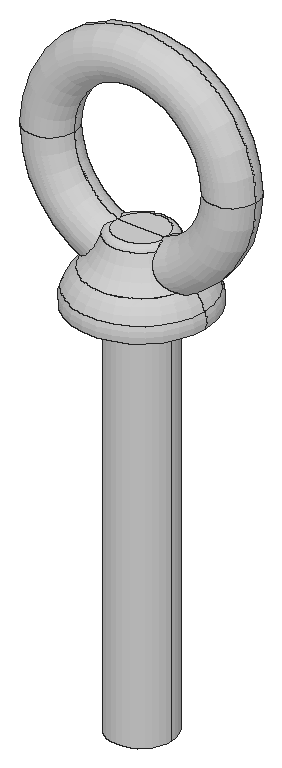
Revit family "AnchorPoint_Kattsafe_ConcreteMount", category Specialty Equipment, host Face, Revit 2025
Family settings
  Host = Face
  Round Connector Dimension = Use Diameter
  Part Type = Normal
  OmniClass Number = 23.27.71.21
  Enable Cutting in Views = No
  Cut with Voids When Loaded = Yes
  Maintain Annotation Orientation = No
  Shared = No
  Room Calculation Point = No
Parameters (values of type "Fixed Hoop (AP125A)")
  Uniclass2015Version = "Products v1.23"
  Uniclass2015Title = "Safety access anchor devices"
  Uniclass2015Code = "Pr_40_70_75_75"
  URL = "https://kattsafe.com.au/"
  Type IFC Predefined Type = "USERDEFINED"
  Type Comments = "Concrete Mount Anchor - 15kN rated - 0.3kg"
  Swivel = no
  SafetyDisclaimer [instance] = "WARNING! The correct placement of access, fall protection and facade maintenance systems is critical to ensure it is fit-for-purpose and safe for the operator to use. Did you know Kattsafe® have a dedicated team of Height Safety System Design Specialists? Kattsafe® provide one-on-one consultation and system design assistance to ensure you are meeting the stringent requirements of height safety and to give you PEACE OF MIND with your project."  # constant formula
  ModifiedIssue = 20240430
  Model = "AP125A"
  Material = Steel_Stainless_Kattsafe_Satin
  ManufacturerURLProductSpecific = "https://kattsafe.com.au/products/anchor-points/concrete-mount-roof-anchors/Concrete-mount-anchor-AP125"
  ManufacturerSpecCode = Model  # "AP125A"
  ManufacturerOverallWidth = 60 mm
  ManufacturerOverallHeight = 164 mm
  ManufacturerOverallDepth = 60 mm
  Manufacturer = "Kattsafe®"  # constant formula
  IfcExportType = "USERDEFINED"
  IfcExportAs = "IfcBuildingElementProxy"
  HostOffset [instance] = 0 mm
  FixedHoop = yes
  Export Type to IFC As = "IfcBuildingElementProxy"
  ElementType = "Fall Protection"
  Description = "Kattsafe concrete mount anchors for personnel who use a harness and lanyard fall protection system, when working on a concrete surface. Available in cast-in, low profile and raised designs they are adaptable and easy to install."  # constant formula
  Default Elevation = 0 mm  # constant formula
  CreatedBy = "IGS BIM Solutions"  # constant formula
  CreatedByURL = "https://igsgroup.com.au"
  Assembly Code = "E1090100"
Types (2, lengths in mm): name | Type Comments | Swivel | Model | ManufacturerSpecCode | ManufacturerOverallWidth | ManufacturerOverallHeight | ManufacturerOverallDepth
  Fixed Hoop (AP125A) | "Concrete Mount Anchor - 15kN rated - 0.3kg" | no | "AP125A" | "AP125A" | 60 | 164 | 60
  Swivel (AP125S) | "Concrete Mount Swivel Anchor - 15kN rated - 0.5kg" | yes | "AP125S" | "AP125S" | 105 | 145 | 105
Reference planes
  plane 1 "Center (Front/Back)": y = 0
  plane 2 "Ref. Level": z = 0
  plane 3 "Center (Left/Right)": x = 0
  plane 4 "Bottom": z = -100
  plane 5 "Base": z = 0
  plane 6 "Anchor Top": z = 64
  plane 7 "Extension Top": z = 45
  plane 8 "Top": z = 64
  plane 9 "Back": y = 30
  plane 10 "Front": y = -30
  plane 11 "Left": x = -30
  plane 12 "Right": x = 30
Forms (mm)
  Revolve 1, solid, material "Steel_Stainless_Kattsafe_Satin" <- "Material"
    sketch origin (0, 0, -125) x (1, 0, 0) y (0, 0, 1)
      loop
        line (0, 125) -> (0, 25) -> (8, 25) -> (8, 125) -> (0, 125)
      axis (0, 25) -> (0, 125)
    angle from 0 to 360
  Revolve 2, void
    sketch origin (0, 0, -125) x (1, 0, 0) y (0, 0, 1)
      loop
        line (0, 125) -> (0, 15) -> (9, 15) -> (9, 125) -> (0, 125)
      axis (0, 15) -> (0, 125)
    angle from 0 to 360
  Extrusion 3, solid, material "Steel_Stainless_Kattsafe_Satin" <- "Material", visible <- "Swivel"
    sketch origin (-1524, 277.61, 0) x (-1, 0, 0) y (0, 1, 0)
      loop
        circle (-1524, -277.61) r 25
      loop
        circle (-1524, -277.61) r 8
    from 0 to -3
  Extrusion 4, solid, material "Steel_Stainless_Kattsafe_Satin" <- "Material", visible <- "Swivel"
    sketch origin (-1524, 277.61, 0) x (-1, 0, 0) y (0, 1, 0)
      loop
        circle (-1524, -277.61) r 25
      loop
        circle (-1524, -277.61) r 8
    from -3 to -6
  Extrusion 5, solid, material "Steel_Stainless_Kattsafe_Satin" <- "Material", visible <- "Swivel"
    sketch origin (-1524, 277.61, 0) x (-1, 0, 0) y (0, 1, 0)
      loop
        circle (-1524, -277.61) r 25
      loop
        circle (-1524, -277.61) r 8
    from -6 to -9
  Extrusion 6, solid, material "Steel_Stainless_Kattsafe_Satin" <- "Material", visible <- "Swivel"
    sketch origin (-1524, 277.61, 0) x (-1, 0, 0) y (0, 1, 0)
      loop
        circle (-1524, -277.61) r 25
      loop
        circle (-1524, -277.61) r 8
    from -9 to -12
  Extrusion 7, solid, material "Steel_Stainless_Kattsafe_Satin" <- "Material", visible <- "Swivel"
    sketch origin (-1527.04, -260.371, 0) x (-0.939693, -0.34202, 0) y (-0.34202, 0.939693, 0)
      loop
        circle (-1524, -277.61) r 8
      loop
        arc (-1524, -302.61) -> (-1499, -277.61) -> (-1524, -252.61) r 25
        line (-1524, -252.61) -> (-1554, -252.61) -> (-1554, -302.61) -> (-1524, -302.61)
    from -12 to -15
  Sweep 8, solid, material "Steel_Stainless_Kattsafe_Satin" <- "Material", visible <- "Swivel"
    path origin (-1524, 277.61, 0) x (-1, 0, 0) y (0, -1, 0)
      loop
        line (-1543.64, 243.857) -> (-1560.741, 290.842)
    profile origin (28.191, 10.261, 0) x (0.939693, 0.34202, 0) y (0, 0, 1)
      loop
        line (0, 15) -> (0, 12) -> (76.436, 39.821) -> (76.436, 42.821) -> (0, 15)
  Extrusion 9, void
    sketch origin (-1524, 277.61, 0) x (-1, 0, 0) y (0, 1, 0)
      loop
        line (-1590.445, -226.822) -> (-1615.467, -217.714) -> (-1632.568, -264.699) -> (-1607.546, -273.806)
        arc (-1607.546, -273.806) -> (-1622.488, -241.763) -> (-1590.445, -226.822) r 25
      loop
        arc (-1592.497, -232.46) -> (-1616.85, -243.815) -> (-1605.494, -268.168) r 19
        line (-1605.494, -268.168) -> (-1566.207, -282.467) -> (-1553.21, -246.759) -> (-1592.497, -232.46)
    from -42.821 to -12
  Extrusion 10, solid, material "Steel_Stainless_Kattsafe_Satin" <- "Material", visible <- "Swivel"
    sketch origin (-1524, 277.61, 0) x (-1, 0, 0) y (0, 1, 0)
      loop
        line (-1530.627, -261.61) -> (-1540, -270.983) -> (-1540, -284.237) -> (-1530.627, -293.61) -> (-1517.373, -293.61) -> (-1508, -284.237) -> (-1508, -270.983) -> (-1517.373, -261.61) -> (-1530.627, -261.61)
      loop
        circle (-1524, -277.61) r 8
    from -15 to -31
  Revolve 11, solid, material "Steel_Stainless_Kattsafe_Satin" <- "Material", visible <- "Swivel"
    sketch origin (0, 0, 6.25) x (1, 0, 0) y (0, 0, 1)
      loop
        line (0, 38.75) -> (0, 24.75) -> (13.416, 24.75)
        arc (13.416, 24.75) -> (9.841, 34.753) -> (0, 38.75) r 13
      axis (0, 38.75) -> (0, 24.75)
    angle from 0 to 360
  Revolve 12, solid, material "Steel_Stainless_Kattsafe_Satin" <- "Material", visible <- "FixedHoop"
    sketch origin (0, 0, 0) x (1, 0, 0) y (0, 0, 1)
      loop
        line (0, 17.585) -> (0, 0) -> (17.015, 0)
        arc (17.015, 0) -> (17.139, 1.953) -> (16.677, 3.855) r 6.514
        arc (16.677, 3.855) -> (15.3, 6.394) -> (13.409, 8.578) r 13.372
        arc (13.409, 8.578) -> (10.383, 12.135) -> (8.264, 16.297) r 20
        arc (8.264, 16.297) -> (7.543, 17.231) -> (6.417, 17.585) r 1.969
        line (6.417, 17.585) -> (0, 17.585)
      axis (0, 17.585) -> (0, 0)
    angle from 0 to 360
  Sweep 13, solid, material "Steel_Stainless_Kattsafe_Satin" <- "Material", visible <- "FixedHoop"
    path origin (0, 0, 0) x (1, 0, 0) y (0, 0, 1)
      loop
        circle (0, 34) r 30
    profile origin (0, 0, 64) x (0, 0, -1) y (0, -1, 0)
      loop
        circle (6.25, 0) r 6.25
Cuts and joins
  Extrusion 9 cuts Sweep 8
  joined: Revolve 12, Sweep 13
Lines and regions (mm)
  Masking region 1, visible <- "FixedHoop"
    outline origin (0, 0, 64) x (-1, 0, 0) y (0, -1, 0)
      loop
        arc (-15.832, -6.235) -> (0, -17.041) -> (15.832, -6.235) r 17
        line (15.832, -6.235) -> (23.851, -6.235)
        arc (23.851, -6.235) -> (30.086, 0) -> (23.851, 6.235) r 6.235
        line (23.851, 6.235) -> (15.832, 6.235)
        arc (15.832, 6.235) -> (0, 17.015) -> (-15.832, 6.235) r 17.015
        line (-15.832, 6.235) -> (-23.851, 6.235)
        arc (-23.851, 6.235) -> (-30.086, 0) -> (-23.851, -6.235) r 6.235
        line (-23.851, -6.235) -> (-15.832, -6.235)
  Masking region 2, visible <- "Swivel"
    outline origin (0, 0, 64) x (-1, 0, 0) y (0, -1, 0)
      loop
        line (-8.551, 23.492) -> (-83.015, -3.611)
        arc (-83.015, -3.611) -> (-97.957, -35.654) -> (-65.914, -50.595) r 25
        line (-65.914, -50.595) -> (8.551, -23.492)
        arc (8.551, -23.492) -> (23.492, 8.551) -> (-8.551, 23.492) r 25
      loop
        line (-68.497, -45.15) -> (-29.21, -30.851) -> (-42.207, 4.857) -> (-81.494, -9.442)
        arc (-81.494, -9.442) -> (-92.85, -33.795) -> (-68.497, -45.15) r 19
  symbolic lines, style "Fall Arrest Systems", visible <- "FixedHoop", detail levels medium+fine
    curve 1: line (-16, 6.235, 64) -> (16.393, 6.235, 64)
    curve 2: line (16, -6.235, 64) -> (-16.393, -6.235, 64)
  symbolic lines, style "Fall Arrest Systems", visible <- "Swivel", detail levels medium+fine
    curve 3: line (6.627, 16, 64) -> (-6.627, 16, 64)
    curve 4: line (16.393, 6.235, 64) -> (6.627, 16, 64)
    curve 5: line (16, -6.235, 64) -> (16, 6.627, 64)
    curve 6: line (6.627, -16, 64) -> (16, -6.627, 64)
    curve 7: line (-6.627, -16, 64) -> (6.627, -16, 64)
    curve 8: line (-16, -6.627, 64) -> (-6.627, -16, 64)
    curve 9: line (-16, 6.235, 64) -> (-16, -6.627, 64)
    curve 10: line (-6.627, 16, 64) -> (-16, 6.627, 64)
    curve 12: line (36.741, -13.232, 64) -> (19.64, 33.753, 64)
  symbolic lines, style "Fall Arrest Systems", visible <- "Swivel", detail levels fine
    curve 11: circle (0, 0, 64) r 13.416 normal (0, 0, 1)
Text (mm)
  text "Disclaimer:\nDue to ongoing product development and manufacturing \nevolution, product details are subject to change without \nnotice. Please refer to product technical data sheets on \nthe manufacturers website for the most current product \ninformation. Please allow a +/- 5mm manufacturing \ntolerance for dimensions and set-outs shown in product \nliterature." at (140.12, 82.963, 0), in view "Ref. Level"
Dimensions and locks
  "HostOffset": plane 5 "Base" to level
  plane 5 "Base" to plane 4 "Bottom" = 100 mm
  locked: plane 7 "Extension Top" to plane 5 "Base" at 45
  locked: plane 6 "Anchor Top" to plane 5 "Base" at 64
  "ManufacturerOverallHeight": plane 8 "Top" to plane 4 "Bottom"
  equal spacing: plane 11 "Left", plane 3 "Center (Left/Right)", plane 12 "Right"
  "ManufacturerOverallWidth": plane 11 "Left" to plane 12 "Right"
  equal spacing: plane 9 "Back", plane 1 "Center (Front/Back)", plane 10 "Front"
  "ManufacturerOverallDepth": plane 10 "Front" to plane 9 "Back"
  angle cut or joined group of Sweep 8, Extrusion 9 to Masking region 2 sketch curve = 90.00°
  aligned and locked: plane 2 "Ref. Level" to host face
  aligned and locked: level to host face
  aligned and locked: Revolve 1 to plane 4 "Bottom"
  aligned and locked: Revolve 1 to plane 5 "Base"
  aligned and locked: Revolve 2 to plane 5 "Base"
  aligned and locked: Extrusion 4 to Extrusion 3
  aligned and locked: Extrusion 5 to Extrusion 4
  aligned and locked: Extrusion 7 to Extrusion 6
  aligned and locked: Sweep 8 sketch curve to Extrusion 7  (x2)
  aligned and locked: Extrusion 9 to Sweep 8
  aligned and locked: Extrusion 6 to Extrusion 9
  aligned and locked: Extrusion 10 to Extrusion 7
  aligned and locked: Revolve 11 sketch curve to Extrusion 10
  aligned and locked: Extrusion 7 to Sweep 8 sketch curve
Automatic sketch dimensions
  host sketch curve to host sketch curve = 60 mm  (x2)
  Extrusion 3 sketch curve to Extrusion 3 sketch curve = 0 mm  (x2)
  plane 1 "Center (Front/Back)" to Extrusion 3 sketch curve = 0 mm
  Extrusion 3 sketch curve to plane 3 "Center (Left/Right)" = 0 mm
  Extrusion 4 sketch curve to Extrusion 4 sketch curve = 0 mm  (x2)
  plane 1 "Center (Front/Back)" to Extrusion 4 sketch curve = 0 mm
  Extrusion 4 sketch curve to plane 3 "Center (Left/Right)" = 0 mm
  Extrusion 5 sketch curve to Extrusion 5 sketch curve = 0 mm  (x2)
  plane 1 "Center (Front/Back)" to Extrusion 5 sketch curve = 0 mm
  Extrusion 5 sketch curve to plane 3 "Center (Left/Right)" = 0 mm
  Extrusion 6 sketch curve to Extrusion 6 sketch curve = 0 mm  (x2)
  plane 1 "Center (Front/Back)" to Extrusion 6 sketch curve = 0 mm
  Extrusion 6 sketch curve to plane 3 "Center (Left/Right)" = 0 mm
  Extrusion 7 sketch curve to Extrusion 7 sketch curve = 0 mm  (x2)
  plane 1 "Center (Front/Back)" to Extrusion 7 sketch curve = 0 mm
  Extrusion 7 sketch curve to plane 3 "Center (Left/Right)" = 0 mm
  Extrusion 7 sketch curve to Extrusion 7 sketch curve = 30 mm
  Extrusion 7 sketch curve to Extrusion 7 sketch curve = 25 mm
  Extrusion 9 sketch curve to Extrusion 9 sketch curve = 0 mm  (x5)
  Extrusion 9 sketch curve to Extrusion 9 sketch curve = 6.498 mm  (x2)
  plane 1 "Center (Front/Back)" to Extrusion 9 sketch curve = 4.857 mm
  Extrusion 9 sketch curve to Extrusion 9 sketch curve = 14.745 mm
  Extrusion 9 sketch curve to plane 1 "Center (Front/Back)" = 12.911 mm
  Extrusion 9 sketch curve to plane 1 "Center (Front/Back)" = 3.804 mm  (x2)
  Extrusion 9 sketch curve to Extrusion 9 sketch curve = 2.052 mm  (x2)
  plane 1 "Center (Front/Back)" to Extrusion 10 sketch curve = 0 mm
  Extrusion 10 sketch curve to plane 3 "Center (Left/Right)" = 0 mm
  plane 3 "Center (Left/Right)" to Extrusion 10 sketch curve = 6.627 mm  (x2)
  plane 1 "Center (Front/Back)" to Extrusion 10 sketch curve = 6.627 mm  (x2)
  Extrusion 10 sketch curve to Extrusion 10 sketch curve = 9.373 mm  (x4)
  Extrusion 10 sketch curve to plane 3 "Center (Left/Right)" = 6.627 mm  (x2)
  Extrusion 10 sketch curve to plane 1 "Center (Front/Back)" = 6.627 mm  (x2)
  Revolve 1 sketch curve to plane 3 "Center (Left/Right)" = 0 mm  (x2)
  Revolve 1 sketch curve to plane 5 "Base" = 0 mm
  Revolve 1 sketch curve to plane 4 "Bottom" = 0 mm
  plane 3 "Center (Left/Right)" to Revolve 1 sketch curve = 8 mm
  Revolve 1 sketch curve to Revolve 1 sketch curve = 15 mm
  plane 5 "Base" to Revolve 1 sketch curve = 20 mm
  Revolve 2 sketch curve to plane 3 "Center (Left/Right)" = 0 mm  (x2)
  Revolve 2 sketch curve to plane 5 "Base" = 0 mm
  plane 3 "Center (Left/Right)" to Revolve 2 sketch curve = 9 mm
  plane 4 "Bottom" to Revolve 2 sketch curve = 10 mm
  plane 5 "Base" to Revolve 2 sketch curve = 20 mm
  Revolve 2 sketch curve to plane 4 "Bottom" = 15 mm
  Sweep 8 sketch curve to profile plane = 0 mm
  Sweep 8 sketch curve to profile plane = 76.436 mm
  Sweep 8 sketch curve to plane 5 "Base" = 12 mm
  Sweep 8 sketch curve to Sweep 8 sketch curve = 3 mm  (x2)
  Sweep 8 sketch curve to plane 5 "Base" = 39.821 mm
  Revolve 11 sketch curve to plane 3 "Center (Left/Right)" = 0 mm  (x2)
  Revolve 11 sketch curve to plane 7 "Extension Top" = 0 mm
  plane 3 "Center (Left/Right)" to Revolve 11 sketch curve = 0.456 mm
  Revolve 11 sketch curve to Revolve 11 sketch curve = 12.961 mm
  Revolve 11 sketch curve to plane 7 "Extension Top" = 7.988 mm
  plane 6 "Anchor Top" to Revolve 11 sketch curve = 3.75 mm
  Sweep 13 sketch curve to plane 1 "Center (Front/Back)" = 0 mm
  Sweep 13 sketch curve to profile plane = 6.25 mm
  Extrusion 9 sketch curve to Extrusion 9 sketch curve = 39.287 mm
  plane 3 "Center (Left/Right)" to Extrusion 9 sketch curve = 108.568 mm
  Extrusion 9 sketch curve to Extrusion 9 sketch curve = 17.101 mm
  Extrusion 9 sketch curve to plane 1 "Center (Front/Back)" = 9.442 mm
  Extrusion 9 sketch curve to Extrusion 9 sketch curve = 27.074 mm
  plane 1 "Center (Front/Back)" to Masking region 1 sketch curve = 0 mm  (x3)
  Masking region 1 sketch curve to plane 3 "Center (Left/Right)" = 0 mm  (x2)
  Masking region 1 sketch curve to plane 1 "Center (Front/Back)" = 6.235 mm  (x2)
  Masking region 1 sketch curve to Masking region 1 sketch curve = 0 mm
  Masking region 1 sketch curve to Masking region 1 sketch curve = 0.041 mm
  plane 1 "Center (Front/Back)" to Masking region 2 sketch curve = 0 mm
  Masking region 2 sketch curve to plane 3 "Center (Left/Right)" = 0 mm
  plane 3 "Center (Left/Right)" to Masking region 2 sketch curve = 8.551 mm
  Masking region 2 sketch curve to Masking region 2 sketch curve = 8.551 mm  (x2)
  Masking region 2 sketch curve to plane 1 "Center (Front/Back)" = 3.611 mm
  Masking region 2 sketch curve to plane 3 "Center (Left/Right)" = 8.551 mm
  Masking region 2 sketch curve to Masking region 2 sketch curve = 0.531 mm
  Masking region 2 sketch curve to Masking region 2 sketch curve = 2.583 mm
  Masking region 2 sketch curve to Masking region 2 sketch curve = 0.193 mm
  Masking region 2 sketch curve to Masking region 2 sketch curve = 1.521 mm
  plane 1 "Center (Front/Back)" to Masking region 2 sketch curve = 4.857 mm
  plane 3 "Center (Left/Right)" to Masking region 1 sketch curve = 15.832 mm
  Masking region 1 sketch curve to Masking region 1 sketch curve = 8.02 mm  (x2)
  Masking region 2 sketch curve to Masking region 2 sketch curve = 33.656 mm
  Masking region 2 sketch curve to plane 1 "Center (Front/Back)" = 50.595 mm
  Masking region 2 sketch curve to Masking region 2 sketch curve = 23.708 mm
  plane 3 "Center (Left/Right)" to Masking region 2 sketch curve = 29.21 mm
  Revolve 12 sketch curve to plane 3 "Center (Left/Right)" = 0 mm  (x2)
  Revolve 12 sketch curve to plane 5 "Base" = 0 mm
  plane 5 "Base" to Revolve 12 sketch curve = 1.216 mm
  plane 3 "Center (Left/Right)" to Revolve 12 sketch curve = 4.304 mm
  plane 3 "Center (Left/Right)" to Revolve 12 sketch curve = 6.417 mm
  Revolve 12 sketch curve to plane 5 "Base" = 1.385 mm
  Revolve 12 sketch curve to Revolve 12 sketch curve = 6.347 mm
  Revolve 12 sketch curve to Revolve 12 sketch curve = 6.365 mm
  Revolve 12 sketch curve to Revolve 12 sketch curve = 20.609 mm
  Revolve 12 sketch curve to Revolve 12 sketch curve = 14.23 mm
  Revolve 12 sketch curve to Revolve 12 sketch curve = 1.969 mm
  Revolve 12 sketch curve to Revolve 12 sketch curve = 5.642 mm
  Revolve 12 sketch curve to Revolve 12 sketch curve = 0 mm  (x2)
  plane 7 "Extension Top" to Revolve 12 sketch curve = 8.238 mm
  Revolve 12 sketch curve to plane 7 "Extension Top" = 1.762 mm
  plane 1 "Center (Front/Back)" to curve 11 = 0 mm
  curve 11 to plane 3 "Center (Left/Right)" = 0 mm
  plane 3 "Center (Left/Right)" to curve 4 = 6.627 mm
  plane 3 "Center (Left/Right)" to curve 6 = 6.627 mm
  plane 1 "Center (Front/Back)" to curve 5 = 6.235 mm
  curve 5 to curve 6 = 9.373 mm
  curve 1 to curve 5 = 0.393 mm
  curve 7 to plane 3 "Center (Left/Right)" = 6.627 mm
  curve 3 to plane 3 "Center (Left/Right)" = 6.627 mm
  curve 9 to plane 1 "Center (Front/Back)" = 6.235 mm
  curve 3 to curve 9 = 9.373 mm
  curve 3 to curve 1 = 9.765 mm
  curve 2 to curve 8 = 0.393 mm
  curve 8 to curve 7 = 9.373 mm
  plane 1 "Center (Front/Back)" to curve 6 = 6.627 mm
  curve 6 to curve 2 = 0 mm
  curve 10 to plane 1 "Center (Front/Back)" = 6.627 mm
  curve 10 to curve 1 = 0 mm
  curve 8 to curve 2 = 0.393 mm
  curve 5 to curve 1 = 0.393 mm
  Sweep 13 sketch curve to plane 3 "Center (Left/Right)" = 0 mm
  plane 7 "Extension Top" to Sweep 13 sketch curve = 11 mm
  radius of Extrusion 3 sketch curve = 25 mm
  radius of Extrusion 3 sketch curve = 8 mm
  radius of Extrusion 4 sketch curve = 25 mm
  radius of Extrusion 4 sketch curve = 8 mm
  radius of Extrusion 5 sketch curve = 25 mm
  radius of Extrusion 5 sketch curve = 8 mm
  radius of Extrusion 6 sketch curve = 25 mm
  radius of Extrusion 6 sketch curve = 8 mm
  radius of Extrusion 7 sketch curve = 8 mm
  radius of Extrusion 10 sketch curve = 8 mm
  radius of Sweep 13 sketch curve = 6.25 mm
  radius of curve 11 = 13.416 mm
  radius of Sweep 13 sketch curve = 30 mm
